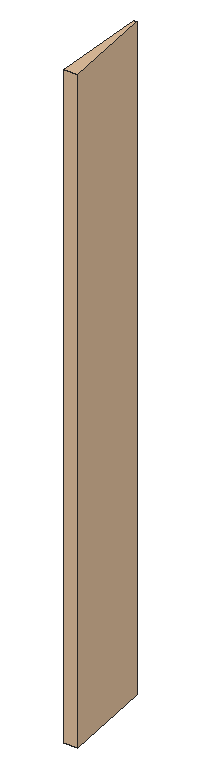
Revit family "Fence - Feather Edge Board", category 난간동자, Revit 2026
Family settings
  항상 수직 = 예
  로드될 때 보이드를 사용하여 절단 = 아니오
  공유 = 아니오
Parameters (values of type "150mm Wide")
  built-in parameter 1008623 [instance] = (empty or 0)
  built-in parameter 1008625 [instance] = (empty or 0)
  Width = 150 mm
  Material = Wood - Cherry
  Post = yes
  Manufacturer = ""
  Description = ""
  built-in parameter 1008624 [instance] = (empty or 0)
  built-in parameter 1008622 [instance] = 950 mm
  Assembly Code = ""
Reference planes
  plane 1 "Center (Front/Back)": y = 0
  plane 2: z = 0
  plane 3 "Center (Left/Right)": x = 0
  plane 4 "Top of Post": z = 950
  plane 5: y = -75
  plane 6: y = 75
Forms (mm)
  Extrusion 1, solid, material "Wood - Cherry" <- "Material"
    sketch origin (0, 0, 0) x (1, 0, 0) y (0, 1, 0)
      loop
        line (-11.567, 75) -> (-17.679, 75) -> (-8.04, -75) -> (14.882, -75) -> (-11.567, 75)
    from 0 to 950
Dimensions and locks
  "Width": plane 5 to plane 6
  equal spacing: plane 5, plane 1 "Center (Front/Back)", plane 6
  "built-in parameter 1008622": plane 4 "Top of Post" to level
  aligned and locked: Extrusion 1 to plane 4 "Top of Post"
Automatic sketch dimensions
  Extrusion 1 sketch curve to plane 5 = 0 mm
  Extrusion 1 sketch curve to plane 6 = 0 mm
  Extrusion 1 sketch curve to plane 3 "Center (Left/Right)" = 17.679 mm
  Extrusion 1 sketch curve to Extrusion 1 sketch curve = 6.112 mm
  Extrusion 1 sketch curve to plane 3 "Center (Left/Right)" = 8.04 mm
  plane 3 "Center (Left/Right)" to Extrusion 1 sketch curve = 14.882 mm
